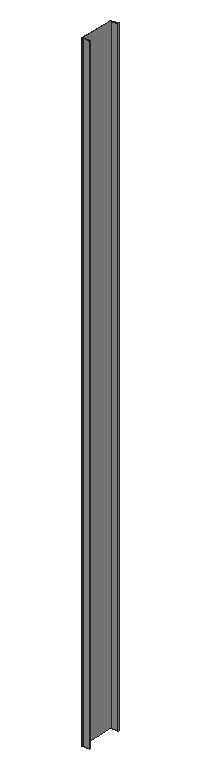
Revit family "TFG_CFS_Track", category Structural Columns, Revit 2025
Family settings
  Section Shape = Not Defined
  Material for Model Behavior = Steel
  Always export as geometry = No
  Beam cutback in plan = From geometry
  Cut with Voids When Loaded = No
  Symbolic Representation = From Family
  Shared = No
  Show family pre-cut in plan views = Yes
Parameters (values of type "600T125-54(50)")
  tf = 0' - 0 7/128"
  d = 0' - 6"
  bf = 0' - 1 1/4"
  Xcg = bf / 2  # 0' - 0 5/8"
  Weight = 1.63 lbf/ft
  URL = "http://www.clarkdietrich.com/products/curtain-wall-framing/structural-track"
  Structural Material [instance] = Steel, Galvanized
  Short Tag = ""
  Product Submittal Link = "http://submittalpro.clarkdietrich.com/index.php?page=select_product&form_data[category]=exterior_framing&form_data[active_product]=structural_stud"
  Product Info = "54mils (16ga) (50ksi)"
  Model = "V2"
  Manufacturer = "ClarkDietrich Building Systems"
  Long Tag = ""
  Keynote = "05.40.00"
  Description = "ClarkDietrich Structural Track"
  Assembly Code = "B1010.1520"
Types (2): name | d | Weight
  600T125-54(50) | 0' - 6" | 1.63 lbf/ft
  350T125-54(50) | 0' - 3 1/2" | 1.12 lbf/ft
Reference planes (in)
  plane 1 "Center (Front/Back)": y = -0.42272
  plane 2: z = 0
  plane 3 "Center (Left/Right)": x = 0.27765
  plane 4 "Left": x = -0.34735
  plane 5 "Right": x = 0.90265
  plane 6 "Back": y = 2.63197
  plane 7 "Front": y = -3.47741
  plane 8: x = -0.29267
  plane 9: y = 2.57728
  plane 10: y = -3.42272
Forms (in)
  Extrusion 1, solid, material "Steel, Galvanized" <- "Structural Material", detail levels medium+fine
    sketch origin (0, 0, 0) x (1, 0, 0) y (0, 1, 0)
      loop
        line (-0.34735, 2.63197) -> (-0.34735, -3.47741) -> (0.90265, -3.47741) -> (0.90265, -3.42272) -> (-0.29267, -3.42272) -> (-0.29267, 2.57728) -> (0.90265, 2.57728) -> (0.90265, 2.63197) -> (-0.34735, 2.63197)
    from 0 to 108
Lines and regions (in)
  model lines, style "BIMSF.Framing", detail levels coarse
    curve 1: line (0.27765, -0.42272, 108) -> (0.27765, -0.42272, 0)
Dimensions and locks (in)
  equal spacing: plane 4 "Left", plane 3 "Center (Left/Right)", plane 5 "Right"
  "bf": plane 4 "Left" to plane 5 "Right"
  "tf": plane 6 "Back" to plane 9
  "tf": plane 10 to plane 7 "Front"
  "tf": plane 4 "Left" to plane 8
  equal spacing: plane 9, plane 1 "Center (Front/Back)", plane 10
  "d": plane 9 to plane 10
  aligned and locked: Extrusion 1 sketch curve to plane 6 "Back"
  aligned and locked: plane 4 "Left" to Extrusion 1 sketch curve
  aligned and locked: plane 7 "Front" to Extrusion 1 sketch curve
  aligned and locked: Extrusion 1 sketch curve to plane 5 "Right"  (x2)
  aligned and locked: plane 10 to Extrusion 1 sketch curve
  aligned and locked: Extrusion 1 sketch curve to plane 8
  aligned and locked: Extrusion 1 sketch curve to plane 9
  aligned and locked: level to Extrusion 1
  aligned and locked: Extrusion 1 to level
  aligned and locked: curve 1 to plane 1 "Center (Front/Back)"
  aligned and locked: level to curve 1  (x2)
